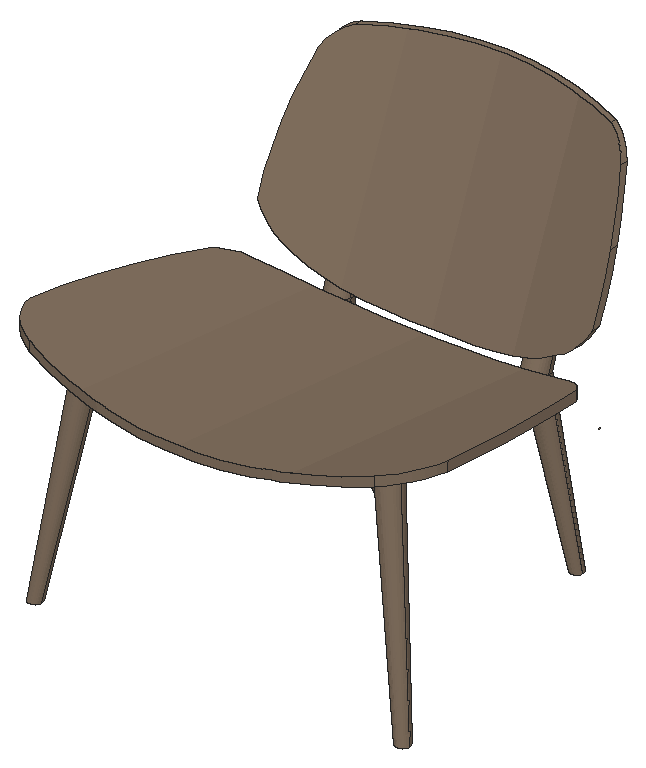
Revit family "Papa f-275", category Мебель, Revit 2017
Family settings
  Номер OmniClass = 23.40.20.00
  Заголовок OmniClass = General Furniture and Specialties
  На основе рабочей плоскости = Нет
  Всегда вертикально = Да
  При загрузке вырезать с полостями = Нет
  Общий = Нет
  Точка расчета площади = Нет
Parameters (values of type "F-276")
  Chair = Skandiform Wood Oak
  Seat = Skandiform Fabric
  URL = "http://file-system.ru/catalog/zdaniya_i_sooruzheniya/interer/mebel/papa_f_275_skandiform_stul/"
  Type Comments = "Created by Astacus AB\r\n"
  Группа модели = "F-275"
  Manufacturer = "Skandiform AB\r\n"
  Ключевая пометка = "XBE.3"
  Dyna = yes
  Описание = "Easy-chair in ash or oak, all in wood or with upholstered seat or with upholstered seat and back."
  Assembly Code = ""
Types (3, lengths in mm): name | URL | Dyna
  (no name) | "http://file-system.ru/catalog/zdaniya_i_sooruzheniya/interer/mebel/papa_f_275_skandiform_stul/" | yes
  F-276 | "http://file-system.ru/catalog/zdaniya_i_sooruzheniya/interer/mebel/papa_f_275_skandiform_stul/" | yes
  F-275 | "http://www.biminfo.se/?productid=333220" | no
Reference planes
  plane 1 "Center (Front/Back)": y = 0
  plane 2: z = 0
  plane 3 "Center (Left/Right)": x = 0
Forms (mm)
  Blend 1, solid, material "Skandiform Wood Oak" <- "Chair"
    base sketch origin (-7.174, 13.75, 0) x (1, 0, 0) y (0, 1, 0)
      loop
        circle (-191.323, 224.695) r 10.5
    top sketch origin (-7.174, 13.75, 0) x (1, 0, 0) y (0, 1, 0)
      loop
        circle (-159.323, 178.695) r 21
    from 0 to 312
  Blend 2, solid, material "Skandiform Wood Oak" <- "Chair"
    base sketch origin (-7.174, 13.745, 0) x (1, 0, 0) y (0, 1, 0)
      loop
        circle (-159.323, 178.695) r 21
    top sketch origin (-7.174, 13.745, 0) x (1, 0, 0) y (0, 1, 0)
      loop
        circle (-169.323, 252.044) r 11.5
    from 312 to 517
  Extrusion 3, solid, material "Skandiform Wood Oak" <- "Chair"
    sketch origin (0, -45.791, -37.767) x (1, 0, 0) y (0, 0.114783, 0.993391)
      loop
        arc (-374.003, 429.508) -> (0, 364.945) -> (374.003, 429.508) r 1115.551
        line (374.003, 429.508) -> (368.974, 443.64)
        arc (368.974, 443.64) -> (0, 379.945) -> (-368.974, 443.64) r 1100.551
        line (-368.974, 443.64) -> (-374.003, 429.508)
    from -258.788 to 385.521
  Extrusion 4, solid, material "Skandiform Wood Oak" <- "Chair"
    sketch origin (0, -506.317, 239.238) x (1, 0, 0) y (0, 0.92184, -0.38757)
      loop
        arc (-349.858, 520.475) -> (0, 600.634) -> (349.858, 520.475) r 803.571
        line (349.858, 520.475) -> (357.34, 527.957)
        arc (357.34, 527.957) -> (0, 610.634) -> (-357.34, 527.957) r 813.571
        line (-357.34, 527.957) -> (-349.858, 520.475)
    from 317.241 to 752.276
  Blend 5, solid, material "Skandiform Wood Oak" <- "Chair"
    base sketch origin (7.174, 13.75, 0) x (-1, 0, 0) y (0, -1, 0)
      loop
        circle (-191.323, -224.695) r 10.5
    top sketch origin (7.174, 13.75, 0) x (-1, 0, 0) y (0, -1, 0)
      loop
        circle (-159.323, -178.695) r 21
    from 0 to 312
  Blend 6, solid, material "Skandiform Wood Oak" <- "Chair"
    base sketch origin (7.174, 13.745, 0) x (-1, 0, 0) y (0, -1, 0)
      loop
        circle (-159.323, -178.695) r 21
    top sketch origin (7.174, 13.745, 0) x (-1, 0, 0) y (0, -1, 0)
      loop
        circle (-169.323, -252.044) r 11.5
    from 312 to 517
  Blend 7, solid, material "Skandiform Wood Oak" <- "Chair"
    base sketch origin (-90.676, -45.26, 0) x (1, 0, 0) y (0, 1, 0)
      loop
        circle (-219.323, -223.695) r 11.5
    top sketch origin (-90.676, -45.26, 0) x (1, 0, 0) y (0, 1, 0)
      loop
        circle (-159.323, -178.695) r 21
    from 0 to 385
  Blend 8, solid, material "Skandiform Wood Oak" <- "Chair"
    base sketch origin (91.174, -44.86, 0) x (-1, 0, 0) y (0, -1, 0)
      loop
        circle (-219.323, 223.695) r 11.5
    top sketch origin (91.174, -44.86, 0) x (-1, 0, 0) y (0, -1, 0)
      loop
        circle (-159.323, 178.695) r 21
    from 0 to 385
  Extrusion 9, void
    sketch origin (0, 0, 0) x (1, 0, 0) y (0, 1, 0)
      loop
        arc (-351.968, -225.47) -> (-331.811, -273.234) -> (-290.274, -304.256) r 98.977
        arc (-290.274, -304.256) -> (0, -354.471) -> (290.274, -304.256) r 864.082
        arc (290.274, -304.256) -> (331.811, -273.234) -> (351.968, -225.47) r 98.977
        arc (351.968, -225.47) -> (337.729, -63.267) -> (309.407, 97.078) r 1866.23
        arc (309.407, 97.078) -> (292.98, 120.329) -> (268.367, 134.634) r 66.828
        arc (268.367, 134.634) -> (0, 166.423) -> (-268.367, 134.634) r 1148.694
        arc (-268.367, 134.634) -> (-292.98, 120.329) -> (-309.407, 97.078) r 66.828
        arc (-309.407, 97.078) -> (-338.512, -63.163) -> (-351.968, -225.47) r 1680.374
      loop
        line (-412.487, 290.103) -> (-412.487, -404.897) -> (392.513, -404.897) -> (392.513, 290.103) -> (-412.487, 290.103)
    from 232.939 to 475.638
  Extrusion 10, void
    sketch origin (0, 0, 0) x (1, 0, 0) y (0, 0, 1)
      loop
        arc (-254.948, 623.029) -> (-268.251, 574.816) -> (-277.654, 525.692) r 624.457
        arc (-277.654, 525.692) -> (-282.749, 475.28) -> (-282.952, 424.61) r 524.172
        arc (-282.952, 424.61) -> (-257.769, 391.052) -> (-223.191, 367.289) r 129.702
        arc (-223.191, 367.289) -> (-184.642, 348.237) -> (-143.718, 335.041) r 292.578
        arc (-143.718, 335.041) -> (-72.194, 324.795) -> (0, 321.876) r 709.547
        arc (0, 321.876) -> (72.194, 324.795) -> (143.718, 335.041) r 709.547
        arc (143.718, 335.041) -> (184.642, 348.237) -> (223.191, 367.289) r 292.578
        arc (223.191, 367.289) -> (257.769, 391.052) -> (282.952, 424.61) r 129.702
        arc (282.952, 424.61) -> (282.749, 475.28) -> (277.654, 525.692) r 524.172
        arc (277.654, 525.692) -> (268.251, 574.816) -> (254.948, 623.029) r 624.457
        arc (254.948, 623.029) -> (238.66, 645.777) -> (214.47, 659.833) r 66.63
        arc (214.47, 659.833) -> (0, 675.102) -> (-214.47, 659.833) r 1513.907
        arc (-214.47, 659.833) -> (-238.66, 645.777) -> (-254.948, 623.029) r 66.63
      loop
        line (-494.747, 803.121) -> (-494.747, 280.751) -> (494.314, 280.751) -> (494.314, 803.121) -> (-494.747, 803.121)
    from -364.227 to -97.078
  Extrusion 11, solid, material "Skandiform Wood Oak" <- "Chair"
    sketch origin (49.994, -52.86, 46.886) x (0.985745, 0.130989, 0.10559) y (-0.116186, 0.983887, -0.135894)
      loop
        line (-12.19, 28.283) -> (-29.989, 12.471) -> (202.782, -249.547) -> (220.58, -233.734) -> (-12.19, 28.283)
    from 236.286 to 276.763
  Extrusion 12, void
    sketch origin (212.464, -213.738, 86.83) x (0.741543, -0.648556, 0.171722) y (0.121689, -0.121689, -0.985081)
      loop
        line (-252.421, -214.88) -> (-281.972, -220.053) -> (-267.179, -304.548) -> (-237.628, -299.374) -> (-252.421, -214.88)
    from -25.294 to 57.203
  Extrusion 13, solid, material "Skandiform Wood Oak" <- "Chair"
    sketch origin (-48.186, -51.276, 46.886) x (-0.985745, 0.130989, 0.10559) y (-0.116186, -0.983887, 0.135894)
      loop
        line (-0.152, -15.228) -> (220.827, 233.516) -> (203.632, 248.791) -> (-17.346, 0.047) -> (-0.152, -15.228)
    from 232.546 to 284.897
  Extrusion 14, solid, material "Skandiform Wood Oak" <- "Chair"
    sketch origin (-115.961, -168.635, 0) x (0.62932, 0.777146, 0) y (0, 0, 1)
      loop
        line (200.709, 272.776) -> (454.04, 246.715) -> (439.418, 310.049) -> (209.624, 324.089) -> (200.709, 272.776)
    from -23.222 to 0.151
  Extrusion 15, solid, material "Skandiform Wood Oak" <- "Chair"
    sketch origin (115.961, -168.635, 0) x (-0.62932, 0.777146, 0) y (0, 0, -1)
      loop
        line (200.709, -272.776) -> (209.624, -324.089) -> (439.418, -310.049) -> (454.04, -246.715) -> (200.709, -272.776)
    from -23.222 to 0.151
Cuts and joins
  Extrusion 12 cuts Blend 6
  Extrusion 10 cuts Blend 8
  Extrusion 9 cuts Extrusion 3
  Extrusion 10, Extrusion 12 cuts Extrusion 4
  Extrusion 12 cuts Extrusion 11
  joined: Extrusion 11, Extrusion 13
  joined: Extrusion 14, Extrusion 15
Lines and regions (mm)
  Masking region 1
    outline origin (0, 0, 0) x (1, 0, 0) y (0, 1, 0)
      loop
        spline (309.37, 97.184) -> (307.342, 101.474) -> (305.03, 105.604) -> (302.444, 109.554) -> (299.597, 113.306) -> (296.502, 116.844) -> (293.172, 120.149) -> (289.623, 123.209) -> (285.872, 126.007) -> (281.936, 128.531) -> (277.833, 130.771) -> (273.582, 132.714) -> (269.202, 134.353)
        spline (269.202, 134.353) -> (225.845, 144.065) -> (181.668, 152.06) -> (136.831, 158.308) -> (91.498, 162.788) -> (45.833, 165.482) -> (0.001, 166.381) -> (-45.831, 165.482) -> (-91.496, 162.788) -> (-136.829, 158.309) -> (-181.666, 152.06) -> (-225.843, 144.066) -> (-269.2, 134.354)
        spline (-269.2, 134.354) -> (-273.597, 132.706) -> (-277.862, 130.755) -> (-281.978, 128.508) -> (-285.923, 125.976) -> (-289.681, 123.171) -> (-293.234, 120.106) -> (-296.565, 116.795) -> (-299.659, 113.254) -> (-302.502, 109.497) -> (-305.08, 105.544) -> (-307.382, 101.413) -> (-309.397, 97.121)
        arc (-309.397, 97.121) -> (-338.509, -63.141) -> (-351.968, -225.47) r 1680.374
        arc (-351.968, -225.47) -> (-331.811, -273.234) -> (-290.274, -304.256) r 98.977
        arc (-290.274, -304.256) -> (0, -354.471) -> (290.274, -304.256) r 864.082
        arc (290.274, -304.256) -> (331.832, -273.206) -> (351.977, -225.401) r 98.977
        spline (351.977, -225.401) -> (350.562, -198.197) -> (348.757, -171.031) -> (346.562, -143.91) -> (343.977, -116.84) -> (341.004, -89.826) -> (337.642, -62.875) -> (333.894, -35.993) -> (329.758, -9.184) -> (325.237, 17.543) -> (320.331, 44.184) -> (315.042, 70.733) -> (309.37, 97.184)
  Masking region 2
    outline origin (0, 0, 0) x (1, 0, 0) y (0, 1, 0)
      loop
        arc (-231.676, 299.011) -> (-244.376, 291.964) -> (-254.947, 282.003) r 58.461
        arc (-254.947, 282.003) -> (-272.03, 248.81) -> (-282.574, 212.999) r 197.822
        arc (-282.574, 212.999) -> (-282.913, 199.002) -> (-282.953, 185) r 656.406
        arc (-282.953, 185) -> (-280.089, 181.563) -> (-276.471, 178.93) r 18.137
        arc (-276.471, 178.93) -> (-267.56, 176.912) -> (-258.533, 175.501) r 135.064
        arc (-258.533, 175.501) -> (-183.429, 175.49) -> (-108.393, 178.665) r 1770.294
        arc (-108.393, 178.665) -> (-54.213, 180.879) -> (0, 182) r 2687.913
        arc (0, 182) -> (54.213, 180.879) -> (108.393, 178.665) r 2687.913
        arc (108.393, 178.665) -> (183.429, 175.49) -> (258.533, 175.501) r 1770.294
        arc (258.533, 175.501) -> (267.56, 176.912) -> (276.471, 178.93) r 135.064
        arc (276.471, 178.93) -> (280.089, 181.563) -> (282.953, 185) r 18.137
        arc (282.953, 185) -> (282.913, 199.002) -> (282.574, 212.999) r 656.406
        arc (282.574, 212.999) -> (272.03, 248.81) -> (254.947, 282.003) r 197.822
        arc (254.947, 282.003) -> (244.376, 291.964) -> (231.676, 299.011) r 58.461
        arc (231.676, 299.011) -> (162.025, 320.15) -> (90.064, 331.097) r 506.959
        arc (90.064, 331.097) -> (45.093, 334.455) -> (0, 335) r 722.484
        arc (0, 335) -> (-45.093, 334.455) -> (-90.064, 331.097) r 722.484
        arc (-90.064, 331.097) -> (-162.025, 320.15) -> (-231.676, 299.011) r 506.959
  symbolic lines
    curve 1: line (-146.637, 156.197, 0) -> (-166.915, 175.866, 0)
    curve 2: line (-117.126, 159.614, 0) -> (-135.218, 177.163, 0)
    curve 3: line (146.637, 156.197, 0) -> (166.915, 175.866, 0)
    curve 4: line (117.126, 159.614, 0) -> (135.218, 177.163, 0)
    curve 5: line (117.126, 159.614, 0) -> (135.564, 177.499, 0)
    curve 6: line (146.637, 156.197, 0) -> (167.231, 176.172, 0)
Dimensions and locks
  aligned and locked: level to plane 2
